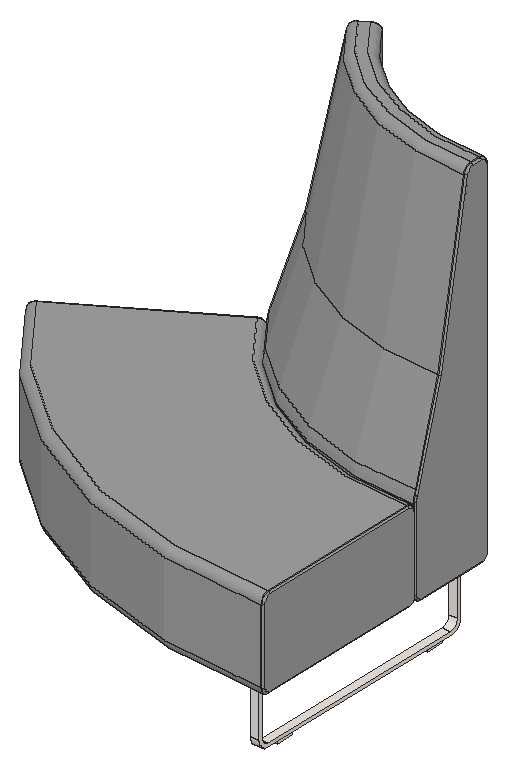
Revit family "Haworth_Riverbend_ConvexBench60", category Furniture, Revit 2018
Family settings
  OmniClass Number = 23.40.70.14.64.21
  OmniClass Title = Systems Furniture
  Work Plane-Based = No
  Always vertical = Yes
  Cut with Voids When Loaded = No
  Shared = No
  Room Calculation Point = No
Parameters (values of type "33d 58w 50h - High Back")
  Width Straight Edge = 33"  # constant formula
  Width = 56"  # constant formula
  Warranty = "http://www.haworth.com/resources/product-info/warranties"
  URL - Product = "http://www.haworth.com/products/seating/sofas/riverbend-pebble"
  Trim Finish [instance] = Haworth _ Paint _ Plaster
  Standard Widths = "58 in."  # constant formula
  Standard Heights = "31 in., 50 in."  # constant formula
  Standard Depths = "33 in."  # constant formula
  Seat Upholstery Finish [instance] = Haworth _ Fabric _ Tellure _ Steel 3A-39
  Min. Width = 28"  # constant formula
  Min. Depth = 33"  # constant formula
  Mid Back = not(High Back)  # no
  Max. Width = 67"  # constant formula
  Max. Depth = 33"  # constant formula
  Model = "SMVM"  # constant formula
  High Back = yes
  Description = "Haworth Riverbend Convex Bench 60 Degree"  # constant formula
  URL = "http://www.haworth.com"
  Size = "Verify Final Dim. w/ Haworth"  # constant formula
  Revision Number = "1"  # constant formula
  Manufacturer = "Haworth"  # constant formula
  Depth = 33"  # constant formula
  Custom Width = not(or(Width = 56"))  # no
  Custom Size = Custom Width  # no
  Back Upholstery Finish [instance] = Haworth _ Fabric _ Tellure _ Steel 3A-39
  Author = "Haworth (Bentzen)"  # constant formula
  Assembly Code = "E2020200"
  Actual Width = if(Width > Max. Width, Max. Width, if(Width < Min. Width, Min. Width, Width))  # 56"
  Actual Height = 18"  # constant formula
  Actual Depth = if(Depth > Max. Depth, Max. Depth, if(Depth < Min. Depth, Min. Depth, Depth))  # 33"
Types (2): name | Mid Back | High Back
  33d 58w 31h - Mid Back | yes | no
  33d 58w 50h - High Back | no | yes
Reference planes (in)
  plane 1 "Bottom": z = 0
  plane 2 "Top": z = 18
  plane 3 "Top - Bottom of Chamfer Edge": z = 17.75
  plane 4 "Frame Bottom": z = 7.25
  plane 5 "Bottom - Top of Chamfer Edge": z = 7.5
  plane 6 "Leg Bracket - Bottom": z = 7
  plane 7 "Leg Bottom - Top of Bottom": z = 0.625
  plane 8 "Foot - Top of Foot": z = 0.25
  plane 9: through (11.10066, 34.6537, 48) normal (-0.5, -0.866, 0)
  plane 10 "Right": x = 31.85066
  plane 11: through (8.64923, 57.3872, 48) normal (0.5, -0.866, 0)
  plane 12: through (2.10066, 19.06525, 48) normal (-0.5, -0.866, 0)
  plane 13: y = 11.16075
  plane 14: through (31.85855, 70.60743, 48) normal (0.7071, -0.7071, 0)
  plane 15: z = 17
  plane 16: y = 44.16075
  plane 17: y = 43.91075
  plane 18 "revolve_origin": x = 31.60066
  plane 19 "revolve_axis": y = 70.34954
  plane 20: through (8.9205, 57.25514, 48) normal (-0.866, -0.5, 0)
  plane 21: y = 57.25514
  plane 22: through (20.26058, 50.70794, 48) normal (0.866, -0.5, 0)
  plane 23: through (-19.65833, 40.75514, 48) normal (0.5, -0.866, 0)
  plane 24: through (18.50635, 47.66952, 48) normal (-0.5, -0.866, 0)
  plane 25: through (30.35743, 10.19619, 48) normal (0.866, -0.5, 0)
  plane 26: through (-19.87205, 39.19619, 48) normal (0.866, -0.5, 0)
  plane 27: through (68.51944, 22.28757, 48) normal (-0.5, -0.866, 0)
  plane 28: y = 22.08067
  plane 29: through (12.52751, 49.31267, 48) normal (0.5, 0.866, 0)
  plane 30: through (16.94474, 47.33973, 48) normal (0.866, -0.5, 0)
  plane 31 "revolve_origin_convex": x = 31.60066
  plane 32: through (-19.78333, 40.97165, 48) normal (-0.866, -0.5, 0)
Forms (in)
  Extrusion 1, solid, material "Haworth _ Paint _ Plaster" <- "Trim Finish"
    sketch origin (-6.86502, 50.2029, 0) x (0.866025, 0.5, 0) y (0, 0, 1)
      loop
        line (-14.39395, 7) -> (-14.39395, 1.5)
        arc (-14.39395, 1.5) -> (-14.02783, 0.61612) -> (-13.14395, 0.25) r 1.25
        line (-13.14395, 0.25) -> (14.07646, 0.25)
        arc (14.07646, 0.25) -> (14.96035, 0.61612) -> (15.32646, 1.5) r 1.25
        line (15.32646, 1.5) -> (15.32646, 7) -> (14.95122, 7) -> (14.95122, 1.625)
        arc (14.95122, 1.625) -> (14.65832, 0.91789) -> (13.95122, 0.625) r 1
        line (13.95122, 0.625) -> (-13.01895, 0.625)
        arc (-13.01895, 0.625) -> (-13.72605, 0.91789) -> (-14.01895, 1.625) r 1
        line (-14.01895, 1.625) -> (-14.01895, 7) -> (-14.39395, 7)
    from 3.44094 to 4.44094
  Extrusion 2, solid, material "Haworth _ Paint _ Plaster" <- "Trim Finish"
    sketch origin (-47.0644, 24.44059, 18) x (0.5, -0.866025, 0) y (0.866025, 0.5, 0)
      loop
        line (1.22982, 36.05384) -> (2.22982, 36.05384) -> (2.22982, 38.05384) -> (1.22982, 38.05384) -> (1.22982, 36.05384)
    from -18 to -17.75
  Extrusion 3, solid, material "Haworth _ Paint _ Plaster" <- "Trim Finish"
    sketch origin (-49.04289, 23.29831, 18) x (0.5, -0.866025, 0) y (0.866025, 0.5, 0)
      loop
        line (1.22982, 62.55267) -> (1.22982, 60.55267) -> (2.22982, 60.55267) -> (2.22982, 62.55267) -> (1.22982, 62.55267)
    from -18 to -17.75
  Extrusion 4, solid, material "Haworth _ Paint _ Plaster" <- "Trim Finish"
    sketch origin (-47.0644, 24.44059, 18) x (0.5, -0.866025, 0) y (0.866025, 0.5, 0)
      loop
        line (0.81633, 33.30089) -> (3.19133, 33.30089) -> (3.19133, 35.67589) -> (0.81633, 35.67589) -> (0.81633, 33.30089)
    from -11 to -10.75
  Extrusion 5, solid, material "Haworth _ Paint _ Plaster" <- "Trim Finish"
    sketch origin (-66.33101, 13.31701, 18) x (0.5, -0.866025, 0) y (0.866025, 0.5, 0)
      loop
        line (0.81633, 85.26847) -> (0.81633, 82.89323) -> (3.19133, 82.89323) -> (3.19133, 85.26847) -> (0.81633, 85.26847)
    from -11 to -10.75
  Extrusion 6, solid, material "Haworth _ Paint _ Plaster" <- "Trim Finish"
    sketch origin (33.5495, 26.86957, 0) x (0, 1, 0) y (0, 0, -1)
      loop
        line (-14.14229, -7) -> (-13.76729, -7) -> (-13.76729, -1.625)
        arc (-13.76729, -1.625) -> (-13.47439, -0.91789) -> (-12.76729, -0.625) r 1
        line (-12.76729, -0.625) -> (13.95122, -0.625)
        arc (13.95122, -0.625) -> (14.65832, -0.91789) -> (14.95122, -1.625) r 1
        line (14.95122, -1.625) -> (14.95122, -7) -> (15.32646, -7) -> (15.32646, -1.5)
        arc (15.32646, -1.5) -> (14.96035, -0.61612) -> (14.07646, -0.25) r 1.25
        line (14.07646, -0.25) -> (-12.89229, -0.25)
        arc (-12.89229, -0.25) -> (-13.77617, -0.61612) -> (-14.14229, -1.5) r 1.25
        line (-14.14229, -1.5) -> (-14.14229, -7)
    from 3.44094 to 4.44094
  Extrusion 7, solid, material "Haworth _ Paint _ Plaster" <- "Trim Finish"
    sketch origin (31.33838, -20.82527, 18) x (-1, 0, 0) y (0, -1, 0)
      loop
        line (1.22982, -36.30551) -> (1.22982, -38.30551) -> (2.22982, -38.30551) -> (2.22982, -36.30551) -> (1.22982, -36.30551)
    from -18 to -17.75
  Extrusion 8, solid, material "Haworth _ Paint _ Plaster" <- "Trim Finish"
    sketch origin (31.33838, -23.10984, 18) x (-1, 0, 0) y (0, -1, 0)
      loop
        line (1.22982, -62.55267) -> (2.22982, -62.55267) -> (2.22982, -60.55267) -> (1.22982, -60.55267) -> (1.22982, -62.55267)
    from -18 to -17.75
  Extrusion 9, solid, material "Haworth _ Paint _ Plaster" <- "Trim Finish"
    sketch origin (31.33838, -20.82527, 18) x (-1, 0, 0) y (0, -1, 0)
      loop
        line (1.22982, -33.55255) -> (1.22982, -35.92755) -> (3.60482, -35.92755) -> (3.60482, -33.55255) -> (1.22982, -33.55255)
    from -11 to -10.75
  Extrusion 10, solid, material "Haworth _ Paint _ Plaster" <- "Trim Finish"
    sketch origin (31.33838, -43.07244, 18) x (-1, 0, 0) y (0, -1, 0)
      loop
        line (1.22982, -85.26847) -> (3.60482, -85.26847) -> (3.60482, -82.89323) -> (1.22982, -82.89323) -> (1.22982, -85.26847)
    from -11 to -10.75
  Blend 11, solid, material "Haworth _ Fabric _ Tellure _ Steel 3A-39" <- "Seat Upholstery Finish"
    base sketch origin (31.85066, 58.72295, 0) x (0, 1, 0) y (0, 0, 1)
      loop
        arc (-46.56221, 17.75) -> (-47.09254, 17.53033) -> (-47.31221, 17) r 0.75
        line (-47.31221, 17) -> (-47.31221, 8.25)
        arc (-47.31221, 8.25) -> (-47.09254, 7.71967) -> (-46.56221, 7.5) r 0.75
        line (-46.56221, 7.5) -> (-26.23213, 7.5)
        arc (-26.23213, 7.5) -> (-25.7018, 7.71967) -> (-25.48213, 8.25) r 0.75
        line (-25.48213, 8.25) -> (-25.48213, 17)
        arc (-25.48213, 17) -> (-25.7018, 17.53033) -> (-26.23213, 17.75) r 0.75
        line (-26.23213, 17.75) -> (-46.56221, 17.75)
    top sketch origin (31.85066, 58.72295, 0) x (0, 1, 0) y (0, 0, 1)
      loop
        arc (-46.56221, 18) -> (-47.26931, 17.70711) -> (-47.56221, 17) r 1
        line (-47.56221, 17) -> (-47.56221, 8.25)
        arc (-47.56221, 8.25) -> (-47.26931, 7.54289) -> (-46.56221, 7.25) r 1
        line (-46.56221, 7.25) -> (-26.23213, 7.25)
        arc (-26.23213, 7.25) -> (-25.52502, 7.54289) -> (-25.23213, 8.25) r 1
        line (-25.23213, 8.25) -> (-25.23213, 17)
        arc (-25.23213, 17) -> (-25.52502, 17.70711) -> (-26.23213, 18) r 1
        line (-26.23213, 18) -> (-46.56221, 18)
    from 0 to -0.25
  Extrusion 12, solid, material "Haworth _ Paint _ Plaster" <- "Trim Finish"
    sketch origin (14.6279, 50.20874, 0) x (-0.5, -0.866025, 0) y (0, 0, -1)
      loop
        line (1.82622, -7) -> (2.20122, -7) -> (2.20122, -1.625)
        arc (2.20122, -1.625) -> (2.49411, -0.91789) -> (3.20122, -0.625) r 1
        line (3.20122, -0.625) -> (17.92863, -0.625)
        arc (17.92863, -0.625) -> (18.63574, -0.91789) -> (18.92863, -1.625) r 1
        line (18.92863, -1.625) -> (18.92863, -7) -> (19.30363, -7) -> (19.30363, -1.5)
        arc (19.30363, -1.5) -> (18.93752, -0.61612) -> (18.05363, -0.25) r 1.25
        line (18.05363, -0.25) -> (3.07622, -0.25)
        arc (3.07622, -0.25) -> (2.19233, -0.61612) -> (1.82622, -1.5) r 1.25
        line (1.82622, -1.5) -> (1.82622, -7)
    from 3.44094 to 4.44094
  Extrusion 13, solid, material "Haworth _ Paint _ Plaster" <- "Trim Finish"
    sketch origin (32.40596, 76.57899, 18) x (0.866025, -0.5, 0) y (0.5, 0.866025, 0)
      loop
        line (1.22982, -40.28292) -> (1.22982, -42.28292) -> (2.22982, -42.28292) -> (2.22982, -40.28292) -> (1.22982, -40.28292)
    from -18 to -17.75
  Extrusion 14, solid, material "Haworth _ Paint _ Plaster" <- "Trim Finish"
    sketch origin (41.53249, 92.38662, 18) x (0.866025, -0.5, 0) y (0.5, 0.866025, 0)
      loop
        line (1.22982, -66.53009) -> (2.22982, -66.53009) -> (2.22982, -64.53009) -> (1.22982, -64.53009) -> (1.22982, -66.53009)
    from -18 to -17.75
  Extrusion 15, solid, material "Haworth _ Paint _ Plaster" <- "Trim Finish"
    sketch origin (32.40596, 76.57899, 18) x (0.866025, -0.5, 0) y (0.5, 0.866025, 0)
      loop
        line (1.22982, -33.55255) -> (1.22982, -35.92755) -> (3.60482, -35.92755) -> (3.60482, -33.55255) -> (1.22982, -33.55255)
    from -11 to -10.75
  Extrusion 16, solid, material "Haworth _ Paint _ Plaster" <- "Trim Finish"
    sketch origin (51.51379, 109.67474, 18) x (0.866025, -0.5, 0) y (0.5, 0.866025, 0)
      loop
        line (1.22982, -89.24564) -> (3.60482, -89.24564) -> (3.60482, -86.87064) -> (1.22982, -86.87064) -> (1.22982, -89.24564)
    from -11 to -10.75
  Blend 17, solid, material "Haworth _ Fabric _ Tellure _ Steel 3A-39" <- "Back Upholstery Finish", visible <- "High Back"
    base sketch origin (72.38326, 31.15563, -6.66555) x (0, 1, 0) y (0, 0, 1)
      loop
        arc (13.00512, 55.62737) -> (12.70104, 56.36148) -> (11.96693, 56.66555) r 1.03818
        line (11.96693, 56.66555) -> (10.71818, 56.66555)
        arc (10.71818, 56.66555) -> (10.06436, 56.43074) -> (9.70934, 55.8336) r 1.02764
        line (9.70934, 55.8336) -> (5.94864, 36.4458) -> (2.60245, 25.76808)
        arc (2.60245, 25.76808) -> (2.42407, 25.04671) -> (2.33519, 24.30895) r 6.06812
        line (2.33519, 24.30895) -> (2.33519, 14.91555)
        arc (2.33519, 14.91555) -> (2.62809, 14.20845) -> (3.33519, 13.91555) r 1
        line (3.33519, 13.91555) -> (12.00512, 13.91555)
        arc (12.00512, 13.91555) -> (12.71222, 14.20845) -> (13.00512, 14.91555) r 1
        line (13.00512, 14.91555) -> (13.00512, 55.62737)
    top sketch origin (72.38326, 31.15563, -6.66555) x (0, 1, 0) y (0, 0, 1)
      loop
        line (11.96693, 56.41555) -> (10.71818, 56.41555)
        arc (10.71818, 56.41555) -> (10.22342, 56.23786) -> (9.95477, 55.78599) r 0.77764
        line (9.95477, 55.78599) -> (6.1914, 36.38443) -> (2.51349, 24.64821) -> (2.51349, 14.91555)
        arc (2.51349, 14.91555) -> (2.73316, 14.38522) -> (3.26349, 14.16555) r 0.75
        line (3.26349, 14.16555) -> (12.00512, 14.16555)
        arc (12.00512, 14.16555) -> (12.53545, 14.38522) -> (12.75512, 14.91555) r 0.75
        line (12.75512, 14.91555) -> (12.75512, 55.62737)
        arc (12.75512, 55.62737) -> (12.52426, 56.1847) -> (11.96693, 56.41555) r 0.78818
    from -40.7826 to -40.5326
  Blend 18, solid, material "Haworth _ Fabric _ Tellure _ Steel 3A-39" <- "Back Upholstery Finish", visible <- "Mid Back"
    base sketch origin (44.57775, 33.57602, -6.66555) x (0, -1, 0) y (0, 0, -1)
      loop
        line (-8.61622, -37.66555) -> (-5.35669, -37.66555)
        arc (-5.35669, -37.66555) -> (-4.19117, -37.28348) -> (-3.47803, -36.28554) r 1.96875
        line (-3.47803, -36.28554) -> (-0.18206, -25.76808)
        arc (-0.18206, -25.76808) -> (-0.00368, -25.04671) -> (0.08519, -24.30895) r 6.06812
        line (0.08519, -24.30895) -> (0.08519, -14.91555)
        arc (0.08519, -14.91555) -> (-0.2077, -14.20845) -> (-0.91481, -13.91555) r 1
        line (-0.91481, -13.91555) -> (-9.58473, -13.91555)
        arc (-9.58473, -13.91555) -> (-10.29183, -14.20845) -> (-10.58473, -14.91555) r 1
        line (-10.58473, -14.91555) -> (-10.58473, -35.69705)
        arc (-10.58473, -35.69705) -> (-10.00817, -37.08899) -> (-8.61622, -37.66555) r 1.9685
    top sketch origin (44.57775, 33.57602, -6.66555) x (0, -1, 0) y (0, 0, -1)
      loop
        arc (-5.35669, -37.41555) -> (-4.33917, -37.08199) -> (-3.71659, -36.21078) r 1.71875
        line (-3.71659, -36.21078) -> (-0.0931, -24.64821) -> (-0.0931, -14.91555)
        arc (-0.0931, -14.91555) -> (-0.31277, -14.38522) -> (-0.8431, -14.16555) r 0.75
        line (-0.8431, -14.16555) -> (-9.58473, -14.16555)
        arc (-9.58473, -14.16555) -> (-10.11506, -14.38522) -> (-10.33473, -14.91555) r 0.75
        line (-10.33473, -14.91555) -> (-10.33473, -35.69705)
        arc (-10.33473, -35.69705) -> (-9.83139, -36.91222) -> (-8.61622, -37.41555) r 1.7185
        line (-8.61622, -37.41555) -> (-5.35669, -37.41555)
    from -12.97708 to -12.72708
  Blend 19, solid, material "Haworth _ Fabric _ Tellure _ Steel 3A-39" <- "Seat Upholstery Finish"
    base sketch origin (21.40674, 64.75275, 0) x (0.866025, 0.5, 0) y (0, 0, -1)
      loop
        line (-46.56221, -17.75) -> (-26.23213, -17.75)
        arc (-26.23213, -17.75) -> (-25.7018, -17.53033) -> (-25.48213, -17) r 0.75
        line (-25.48213, -17) -> (-25.48213, -8.25)
        arc (-25.48213, -8.25) -> (-25.7018, -7.71967) -> (-26.23213, -7.5) r 0.75
        line (-26.23213, -7.5) -> (-46.56221, -7.5)
        arc (-46.56221, -7.5) -> (-47.09254, -7.71967) -> (-47.31221, -8.25) r 0.75
        line (-47.31221, -8.25) -> (-47.31221, -17)
        arc (-47.31221, -17) -> (-47.09254, -17.53033) -> (-46.56221, -17.75) r 0.75
    top sketch origin (21.40674, 64.75275, 0) x (0.866025, 0.5, 0) y (0, 0, -1)
      loop
        line (-46.56221, -18) -> (-26.23213, -18)
        arc (-26.23213, -18) -> (-25.52502, -17.70711) -> (-25.23213, -17) r 1
        line (-25.23213, -17) -> (-25.23213, -8.25)
        arc (-25.23213, -8.25) -> (-25.52502, -7.54289) -> (-26.23213, -7.25) r 1
        line (-26.23213, -7.25) -> (-46.56221, -7.25)
        arc (-46.56221, -7.25) -> (-47.26931, -7.54289) -> (-47.56221, -8.25) r 1
        line (-47.56221, -8.25) -> (-47.56221, -17)
        arc (-47.56221, -17) -> (-47.26931, -17.70711) -> (-46.56221, -18) r 1
    from 0 to -0.25
  Blend 20, solid, material "Haworth _ Fabric _ Tellure _ Steel 3A-39" <- "Back Upholstery Finish", visible <- "High Back"
    base sketch origin (-22.73356, 86.07135, -6.66555) x (0.866025, 0.5, 0) y (0, 0, -1)
      loop
        line (13.00512, -55.62737) -> (13.00512, -14.91555)
        arc (13.00512, -14.91555) -> (12.71222, -14.20845) -> (12.00512, -13.91555) r 1
        line (12.00512, -13.91555) -> (3.33519, -13.91555)
        arc (3.33519, -13.91555) -> (2.62809, -14.20845) -> (2.33519, -14.91555) r 1
        line (2.33519, -14.91555) -> (2.33519, -24.30895)
        arc (2.33519, -24.30895) -> (2.42407, -25.04671) -> (2.60245, -25.76808) r 6.06812
        line (2.60245, -25.76808) -> (5.94864, -36.4458) -> (9.70934, -55.8336)
        arc (9.70934, -55.8336) -> (10.06436, -56.43074) -> (10.71818, -56.66555) r 1.02764
        line (10.71818, -56.66555) -> (11.96693, -56.66555)
        arc (11.96693, -56.66555) -> (12.70104, -56.36148) -> (13.00512, -55.62737) r 1.03818
    top sketch origin (-22.73356, 86.07135, -6.66555) x (0.866025, 0.5, 0) y (0, 0, -1)
      loop
        arc (11.96693, -56.41555) -> (12.52426, -56.1847) -> (12.75512, -55.62737) r 0.78818
        line (12.75512, -55.62737) -> (12.75512, -14.91555)
        arc (12.75512, -14.91555) -> (12.53545, -14.38522) -> (12.00512, -14.16555) r 0.75
        line (12.00512, -14.16555) -> (3.26349, -14.16555)
        arc (3.26349, -14.16555) -> (2.73316, -14.38522) -> (2.51349, -14.91555) r 0.75
        line (2.51349, -14.91555) -> (2.51349, -24.64821) -> (6.1914, -36.38443) -> (9.95477, -55.78599)
        arc (9.95477, -55.78599) -> (10.22342, -56.23786) -> (10.71818, -56.41555) r 0.77764
        line (10.71818, -56.41555) -> (11.96693, -56.41555)
    from -40.7826 to -40.5326
  Revolve 21, solid, material "Haworth _ Fabric _ Tellure _ Steel 3A-39" <- "Back Upholstery Finish", visible <- "High Back"
    sketch origin (31.60066, 0, 0) x (0, -1, 0) y (0, 0, 1)
      loop
        line (-44.16075, 48.96182) -> (-44.16075, 8.25)
        arc (-44.16075, 8.25) -> (-43.86785, 7.54289) -> (-43.16075, 7.25) r 1
        line (-43.16075, 7.25) -> (-34.49083, 7.25)
        arc (-34.49083, 7.25) -> (-33.78372, 7.54289) -> (-33.49083, 8.25) r 1
        line (-33.49083, 8.25) -> (-33.49083, 17.64339)
        arc (-33.49083, 17.64339) -> (-33.5797, 18.38116) -> (-33.75808, 19.10253) r 6.06812
        line (-33.75808, 19.10253) -> (-37.10427, 29.78025) -> (-40.86497, 49.16804)
        arc (-40.86497, 49.16804) -> (-41.21999, 49.76518) -> (-41.87381, 50) r 1.02764
        line (-41.87381, 50) -> (-43.12256, 50)
        arc (-43.12256, 50) -> (-43.85667, 49.69592) -> (-44.16075, 48.96182) r 1.03818
      axis (-70.34954, 50) -> (-70.34954, 7.25)
    angle from 0 to -60
  Revolve 22, solid, material "Haworth _ Fabric _ Tellure _ Steel 3A-39" <- "Back Upholstery Finish", visible <- "Mid Back"
    sketch origin (31.60066, 0, 0) x (0, -1, 0) y (0, 0, 1)
      loop
        line (-38.93271, 31) -> (-42.19224, 31)
        arc (-42.19224, 31) -> (-43.58418, 30.42344) -> (-44.16075, 29.0315) r 1.9685
        line (-44.16075, 29.0315) -> (-44.16075, 8.25)
        arc (-44.16075, 8.25) -> (-43.86785, 7.54289) -> (-43.16075, 7.25) r 1
        line (-43.16075, 7.25) -> (-34.49083, 7.25)
        arc (-34.49083, 7.25) -> (-33.78372, 7.54289) -> (-33.49083, 8.25) r 1
        line (-33.49083, 8.25) -> (-33.49083, 17.64339)
        arc (-33.49083, 17.64339) -> (-33.5797, 18.38116) -> (-33.75808, 19.10253) r 6.06812
        line (-33.75808, 19.10253) -> (-37.05405, 29.61999)
        arc (-37.05405, 29.61999) -> (-37.76719, 30.61792) -> (-38.93271, 31) r 1.96875
      axis (-70.34954, 31) -> (-70.34954, 7.25)
    angle from 0 to -60
  Revolve 23, solid, material "Haworth _ Fabric _ Tellure _ Steel 3A-39" <- "Seat Upholstery Finish"
    sketch origin (31.60066, 0, 0) x (0, -1, 0) y (0, 0, 1)
      loop
        arc (-32.49083, 18) -> (-33.19793, 17.70711) -> (-33.49083, 17) r 1
        line (-33.49083, 17) -> (-33.49083, 8.25)
        arc (-33.49083, 8.25) -> (-33.19793, 7.54289) -> (-32.49083, 7.25) r 1
        line (-32.49083, 7.25) -> (-12.16075, 7.25)
        arc (-12.16075, 7.25) -> (-11.45364, 7.54289) -> (-11.16075, 8.25) r 1
        line (-11.16075, 8.25) -> (-11.16075, 17)
        arc (-11.16075, 17) -> (-11.45364, 17.70711) -> (-12.16075, 18) r 1
        line (-12.16075, 18) -> (-32.49083, 18)
      axis (-70.34954, 18) -> (-70.34954, 7.25)
    angle from 0 to -60
  Revolve 24, solid, material "Haworth _ Fabric _ Tellure _ Steel 3A-39" <- "Back Upholstery Finish", visible <- "Mid Back"
    sketch origin (-29.32382, 35.17477, 0) x (-0.866025, -0.5, 0) y (0, 0, -1)
      loop
        arc (-38.93271, -31) -> (-37.76719, -30.61792) -> (-37.05405, -29.61999) r 1.96875
        line (-37.05405, -29.61999) -> (-33.75808, -19.10253)
        arc (-33.75808, -19.10253) -> (-33.5797, -18.38116) -> (-33.49083, -17.64339) r 6.06812
        line (-33.49083, -17.64339) -> (-33.49083, -8.25)
        arc (-33.49083, -8.25) -> (-33.78372, -7.54289) -> (-34.49083, -7.25) r 1
        line (-34.49083, -7.25) -> (-43.16075, -7.25)
        arc (-43.16075, -7.25) -> (-43.86785, -7.54289) -> (-44.16075, -8.25) r 1
        line (-44.16075, -8.25) -> (-44.16075, -29.0315)
        arc (-44.16075, -29.0315) -> (-43.58418, -30.42344) -> (-42.19224, -31) r 1.9685
        line (-42.19224, -31) -> (-38.93271, -31)
      axis (-70.34954, -31) -> (-70.34954, -7.25)
    angle from 0 to -60
  Blend 25, solid, material "Haworth _ Fabric _ Tellure _ Steel 3A-39" <- "Back Upholstery Finish", visible <- "Mid Back"
    base sketch origin (-6.73468, 63.20126, -6.66555) x (-0.866025, -0.5, 0) y (0, 0, 1)
      loop
        arc (-8.61622, 37.66555) -> (-10.00817, 37.08899) -> (-10.58473, 35.69705) r 1.9685
        line (-10.58473, 35.69705) -> (-10.58473, 14.91555)
        arc (-10.58473, 14.91555) -> (-10.29183, 14.20845) -> (-9.58473, 13.91555) r 1
        line (-9.58473, 13.91555) -> (-0.91481, 13.91555)
        arc (-0.91481, 13.91555) -> (-0.2077, 14.20845) -> (0.08519, 14.91555) r 1
        line (0.08519, 14.91555) -> (0.08519, 24.30895)
        arc (0.08519, 24.30895) -> (-0.00368, 25.04671) -> (-0.18206, 25.76808) r 6.06812
        line (-0.18206, 25.76808) -> (-3.47803, 36.28554)
        arc (-3.47803, 36.28554) -> (-4.19117, 37.28348) -> (-5.35669, 37.66555) r 1.96875
        line (-5.35669, 37.66555) -> (-8.61622, 37.66555)
    top sketch origin (-6.73468, 63.20126, -6.66555) x (-0.866025, -0.5, 0) y (0, 0, 1)
      loop
        line (-5.35669, 37.41555) -> (-8.61622, 37.41555)
        arc (-8.61622, 37.41555) -> (-9.83139, 36.91222) -> (-10.33473, 35.69705) r 1.7185
        line (-10.33473, 35.69705) -> (-10.33473, 14.91555)
        arc (-10.33473, 14.91555) -> (-10.11506, 14.38522) -> (-9.58473, 14.16555) r 0.75
        line (-9.58473, 14.16555) -> (-0.8431, 14.16555)
        arc (-0.8431, 14.16555) -> (-0.31277, 14.38522) -> (-0.0931, 14.91555) r 0.75
        line (-0.0931, 14.91555) -> (-0.0931, 24.64821) -> (-3.71659, 36.21078)
        arc (-3.71659, 36.21078) -> (-4.33917, 37.08199) -> (-5.35669, 37.41555) r 1.71875
    from -12.97708 to -12.72708
Lines and regions (in)
  Masking region 1
    outline origin (0, 0, 18) x (1, 0, 0) y (0, 1, 0)
      loop
        line (31.85066, 11.16075) -> (31.85066, 44.16075)
        arc (31.85066, 44.16075) -> (18.50635, 47.66952) -> (8.7955, 57.47165) r 26.19837
        line (8.7955, 57.47165) -> (-19.78333, 40.97165)
        arc (-19.78333, 40.97165) -> (2.01891, 19.11245) -> (31.85066, 11.16075) r 59.35379
  symbolic lines, style "Haworth", detail levels medium+fine
    curve 1: arc (-0.31992, 51.92018, 18) -> (13.17131, 38.42896, 18) -> (31.60066, 33.49083, 18) r 36.85871
Dimensions and locks (in)
  locked: plane 2 "Top" to plane 3 "Top - Bottom of Chamfer Edge" at 0.25
  locked: plane 5 "Bottom - Top of Chamfer Edge" to plane 4 "Frame Bottom" at 0.25
  plane 2 "Top" to plane 4 "Frame Bottom" = 10 3/4"
  "Actual Height": plane 2 "Top" to plane 1 "Bottom"
  plane 2 "Top" to plane 1 "Bottom" = 18"
  Extrusion 1 sketch curve to Extrusion 1 sketch curve = 3/8"  (x2)
  Extrusion 1 sketch curve to Extrusion 1 sketch curve = 0.37525"
  Extrusion 6 sketch curve to Extrusion 6 sketch curve = 3/8"  (x2)
  Extrusion 6 sketch curve to Extrusion 6 sketch curve = 0.37525"
  plane 25 to plane 26 = 58"
  plane 12 to plane 27 = 36"
  Extrusion 12 sketch curve to Extrusion 12 sketch curve = 3/8"  (x3)
  equal spacing: plane 12, plane 9, plane 27
  "Depth": plane 16 to plane 13
  aligned and locked: Extrusion 3 to plane 1 "Bottom"
  aligned and locked: Extrusion 3 to plane 8 "Foot - Top of Foot"
  aligned and locked: Extrusion 2 to plane 8 "Foot - Top of Foot"
  aligned and locked: Extrusion 2 to plane 1 "Bottom"
  aligned and locked: plane 6 "Leg Bracket - Bottom" to Extrusion 1  (x2)
  aligned and locked: Extrusion 1 to plane 7 "Leg Bottom - Top of Bottom"
  aligned and locked: plane 8 "Foot - Top of Foot" to Extrusion 1
  aligned and locked: Extrusion 5 to plane 6 "Leg Bracket - Bottom"
  aligned and locked: plane 4 "Frame Bottom" to Extrusion 5
  aligned and locked: Extrusion 4 to plane 6 "Leg Bracket - Bottom"
  aligned and locked: plane 4 "Frame Bottom" to Extrusion 4
Automatic sketch dimensions
  Extrusion 1 sketch curve to plane 6 "Leg Bracket - Bottom" = 0"  (x2)
  plane 8 "Foot - Top of Foot" to Extrusion 1 sketch curve = 0"
  Extrusion 1 sketch curve to plane 7 "Leg Bottom - Top of Bottom" = 7/8"
  Extrusion 1 sketch curve to plane 32 = 1.40927"
  Extrusion 1 sketch curve to Extrusion 1 sketch curve = 1/8"
  Extrusion 1 sketch curve to plane 7 "Leg Bottom - Top of Bottom" = 1"
  plane 20 to Extrusion 1 sketch curve = 3.24556"
  Extrusion 1 sketch curve to Extrusion 1 sketch curve = 0.12525"
  Extrusion 2 sketch curve to plane 23 = 1.6556"
  Extrusion 2 sketch curve to Extrusion 2 sketch curve = 1"
  Extrusion 2 sketch curve to plane 32 = 4.16222"
  Extrusion 2 sketch curve to Extrusion 2 sketch curve = 2"
  Extrusion 3 sketch curve to plane 23 = 1.6556"
  Extrusion 3 sketch curve to Extrusion 3 sketch curve = 1"
  plane 20 to Extrusion 3 sketch curve = 6.62352"
  Extrusion 3 sketch curve to Extrusion 3 sketch curve = 2"
  Extrusion 4 sketch curve to plane 23 = 1.24211"
  Extrusion 4 sketch curve to Extrusion 4 sketch curve = 2 3/8"  (x2)
  Extrusion 4 sketch curve to plane 32 = 1.40927"
  Extrusion 5 sketch curve to plane 23 = 1.24211"
  Extrusion 5 sketch curve to Extrusion 5 sketch curve = 2 3/8"
  plane 20 to Extrusion 5 sketch curve = 4.24556"
  plane 20 to Extrusion 5 sketch curve = 1.87032"
  Extrusion 6 sketch curve to plane 6 "Leg Bracket - Bottom" = 0"  (x2)
  plane 8 "Foot - Top of Foot" to Extrusion 6 sketch curve = 0"
  Extrusion 6 sketch curve to plane 7 "Leg Bottom - Top of Bottom" = 7/8"
  plane 13 to Extrusion 6 sketch curve = 1.56654"
  Extrusion 6 sketch curve to Extrusion 6 sketch curve = 1/8"
  Extrusion 6 sketch curve to plane 7 "Leg Bottom - Top of Bottom" = 1"
  Extrusion 6 sketch curve to plane 17 = 3.08996"
  Extrusion 6 sketch curve to Extrusion 6 sketch curve = 0.12525"
  Extrusion 7 sketch curve to plane 18 "revolve_origin" = 1.49211"
  Extrusion 7 sketch curve to Extrusion 7 sketch curve = 1"
  Extrusion 7 sketch curve to plane 28 = 4.60043"
  Extrusion 7 sketch curve to Extrusion 7 sketch curve = 2"
  Extrusion 8 sketch curve to plane 18 "revolve_origin" = 1.49211"
  Extrusion 8 sketch curve to Extrusion 8 sketch curve = 1"
  Extrusion 8 sketch curve to plane 17 = 4.46791"
  Extrusion 8 sketch curve to Extrusion 8 sketch curve = 2"
  Extrusion 9 sketch curve to plane 18 "revolve_origin" = 1.49211"
  Extrusion 9 sketch curve to Extrusion 9 sketch curve = 2 3/8"
  plane 13 to Extrusion 9 sketch curve = 3.94154"
  plane 13 to Extrusion 9 sketch curve = 1.56654"
  Extrusion 10 sketch curve to plane 18 "revolve_origin" = 1.49211"
  Extrusion 10 sketch curve to Extrusion 10 sketch curve = 2 3/8"
  Extrusion 10 sketch curve to plane 17 = 1.71471"
  Extrusion 10 sketch curve to Extrusion 10 sketch curve = 2.37524"
  Blend 11 sketch curve to plane 15 = 0"  (x4)
  Blend 11 sketch curve to plane 3 "Top - Bottom of Chamfer Edge" = 0"
  Blend 11 sketch curve to plane 5 "Bottom - Top of Chamfer Edge" = 0"
  plane 13 to Blend 11 sketch curve = 1/4"
  plane 13 to Blend 11 sketch curve = 1"  (x2)
  plane 5 "Bottom - Top of Chamfer Edge" to Blend 11 sketch curve = 3/4"
  plane 28 to Blend 11 sketch curve = 10 105/256"  (x2)
  Blend 11 sketch curve to plane 13 = 0"
  Blend 11 sketch curve to plane 4 "Frame Bottom" = 0"
  Blend 11 sketch curve to plane 2 "Top" = 0"
  Blend 11 sketch curve to Blend 11 sketch curve = 1"
  plane 11 to Masking region 1 sketch curve = 0"  (x2)
  plane 32 to Masking region 1 sketch curve = 0"
  plane 20 to Masking region 1 sketch curve = 0"
  plane 22 to Masking region 1 sketch curve = 0"  (x2)
  Masking region 1 sketch curve to plane 10 "Right" = 0"
  plane 18 "revolve_origin" to Masking region 1 sketch curve = 0.00487"
  plane 18 "revolve_origin" to Masking region 1 sketch curve = 0.09515"
  Extrusion 12 sketch curve to plane 29 = 0"
  plane 8 "Foot - Top of Foot" to Extrusion 12 sketch curve = 0"
  Extrusion 12 sketch curve to plane 6 "Leg Bracket - Bottom" = 0"  (x2)
  Extrusion 12 sketch curve to plane 29 = 1 1/4"
  Extrusion 12 sketch curve to Extrusion 12 sketch curve = 1/8"  (x2)
  Extrusion 12 sketch curve to plane 7 "Leg Bottom - Top of Bottom" = 1"
  plane 9 to Extrusion 12 sketch curve = 2.69395"
  Extrusion 13 sketch curve to plane 30 = 0"
  Extrusion 13 sketch curve to plane 22 = 3/16"
  Extrusion 13 sketch curve to plane 9 = 4.67809"
  Extrusion 13 sketch curve to Extrusion 13 sketch curve = 2"
  Extrusion 14 sketch curve to plane 30 = 0"
  Extrusion 14 sketch curve to plane 22 = 3/16"
  plane 9 to Extrusion 14 sketch curve = 1.316"
  Extrusion 14 sketch curve to plane 9 = 0.684"
  Extrusion 15 sketch curve to plane 30 = 0"
  Extrusion 15 sketch curve to plane 29 = 0"
  plane 22 to Extrusion 15 sketch curve = 1 3/16"
  Extrusion 15 sketch curve to Extrusion 15 sketch curve = 2 3/8"
  Extrusion 16 sketch curve to plane 30 = 0"
  plane 22 to Extrusion 16 sketch curve = 1 3/16"
  plane 9 to Extrusion 16 sketch curve = 4.06895"
  plane 9 to Extrusion 16 sketch curve = 1.69396"
  Blend 17 sketch curve to plane 4 "Frame Bottom" = 0"
  Blend 17 sketch curve to plane 16 = 0"
  plane 5 "Bottom - Top of Chamfer Edge" to Blend 17 sketch curve = 3/4"  (x3)
  Blend 17 sketch curve to plane 17 = 0.78818"  (x2)
  Blend 17 sketch curve to Blend 17 sketch curve = 1.24875"  (x2)
  Blend 17 sketch curve to Blend 17 sketch curve = 1.00884"
  plane 15 to Blend 17 sketch curve = 0.28791"
  Blend 17 sketch curve to plane 17 = 4.36222"
  Blend 17 sketch curve to plane 17 = 6.80647"
  Blend 17 sketch curve to Blend 17 sketch curve = 8.66992"
  plane 2 "Top" to Blend 17 sketch curve = 1.10253"
  Blend 17 sketch curve to Blend 17 sketch curve = 0.26725"
  Blend 17 sketch curve to Blend 17 sketch curve = 10.67772"
  Blend 17 sketch curve to Blend 17 sketch curve = 19.18157"
  Blend 17 sketch curve to Blend 17 sketch curve = 1.02764"
  Blend 17 sketch curve to plane 5 "Bottom - Top of Chamfer Edge" = 0"
  Blend 17 sketch curve to plane 17 = 0"
  Blend 17 sketch curve to plane 17 = 3/4"
  Blend 17 sketch curve to Blend 17 sketch curve = 0.76341"
  Blend 17 sketch curve to plane 17 = 6.56372"
  Blend 17 sketch curve to Blend 17 sketch curve = 8.74163"
  Blend 17 sketch curve to plane 2 "Top" = 0.01735"
  plane 2 "Top" to Blend 17 sketch curve = 11.71887"
  Blend 17 sketch curve to Blend 17 sketch curve = 19.24294"
  Blend 17 sketch curve to Blend 17 sketch curve = 0.77764"
  Blend 18 sketch curve to plane 16 = 0"
  Blend 18 sketch curve to plane 4 "Frame Bottom" = 0"
  Blend 18 sketch curve to plane 17 = 3/4"  (x2)
  Blend 18 sketch curve to plane 17 = 1.7185"  (x2)
  plane 15 to Blend 18 sketch curve = 0.28791"
  Blend 18 sketch curve to plane 17 = 4.36222"
  Blend 18 sketch curve to Blend 18 sketch curve = 3.25953"  (x2)
  Blend 18 sketch curve to Blend 18 sketch curve = 1.87866"
  Blend 18 sketch curve to Blend 18 sketch curve = 8.66992"
  plane 2 "Top" to Blend 18 sketch curve = 1.10253"
  Blend 18 sketch curve to Blend 18 sketch curve = 5.79045"
  Blend 18 sketch curve to plane 3 "Top - Bottom of Chamfer Edge" = 0.10661"
  plane 2 "Top" to Blend 18 sketch curve = 11 1/32"  (x2)
  Blend 18 sketch curve to Blend 18 sketch curve = 0.00025"  (x2)
  Blend 18 sketch curve to plane 17 = 0"
  Blend 18 sketch curve to plane 5 "Bottom - Top of Chamfer Edge" = 0"
  Blend 18 sketch curve to Blend 18 sketch curve = 1.6401"
  plane 5 "Bottom - Top of Chamfer Edge" to Blend 18 sketch curve = 3/4"
  Blend 18 sketch curve to Blend 18 sketch curve = 8.74163"
  Blend 18 sketch curve to plane 2 "Top" = 0.01735"
  plane 15 to Blend 19 sketch curve = 0"  (x4)
  plane 3 "Top - Bottom of Chamfer Edge" to Blend 19 sketch curve = 0"
  plane 5 "Bottom - Top of Chamfer Edge" to Blend 19 sketch curve = 0"
  Blend 19 sketch curve to plane 32 = 1/4"
  Blend 19 sketch curve to plane 32 = 1"  (x2)
  plane 5 "Bottom - Top of Chamfer Edge" to Blend 19 sketch curve = 3/4"
  plane 20 to Blend 19 sketch curve = 11.66992"  (x2)
  Blend 19 sketch curve to plane 32 = 0"
  plane 4 "Frame Bottom" to Blend 19 sketch curve = 0"
  plane 2 "Top" to Blend 19 sketch curve = 0"
  Blend 19 sketch curve to Blend 19 sketch curve = 1"
  plane 4 "Frame Bottom" to Blend 20 sketch curve = 0"
  Blend 20 sketch curve to plane 20 = 0"
  plane 5 "Bottom - Top of Chamfer Edge" to Blend 20 sketch curve = 3/4"  (x2)
  plane 20 to Blend 20 sketch curve = 1.03818"  (x2)
  Blend 20 sketch curve to Blend 20 sketch curve = 1.24875"
  Blend 20 sketch curve to Blend 20 sketch curve = 1.00884"
  plane 15 to Blend 20 sketch curve = 0.28791"
  plane 20 to Blend 20 sketch curve = 4.61222"
  plane 20 to Blend 20 sketch curve = 7.05647"
  Blend 20 sketch curve to Blend 20 sketch curve = 8.66992"
  plane 2 "Top" to Blend 20 sketch curve = 1.10253"
  Blend 20 sketch curve to Blend 20 sketch curve = 0.26725"
  Blend 20 sketch curve to Blend 20 sketch curve = 10.67772"
  Blend 20 sketch curve to Blend 20 sketch curve = 19.18157"
  Blend 20 sketch curve to Blend 20 sketch curve = 1.02764"
  plane 5 "Bottom - Top of Chamfer Edge" to Blend 20 sketch curve = 0"
  Blend 20 sketch curve to plane 2 "Top" = 0.01735"
  plane 20 to Blend 20 sketch curve = 10.49163"
  Blend 20 sketch curve to Blend 20 sketch curve = 3/4"
  plane 20 to Blend 20 sketch curve = 6.81372"
  plane 20 to Blend 20 sketch curve = 3.05035"
  Blend 20 sketch curve to Blend 20 sketch curve = 0.76341"
  plane 20 to Blend 20 sketch curve = 1"
  plane 20 to Blend 20 sketch curve = 1/4"
  plane 2 "Top" to Blend 20 sketch curve = 11.71887"
  Blend 20 sketch curve to Blend 20 sketch curve = 19.24294"
  Blend 20 sketch curve to Blend 20 sketch curve = 0.77764"
  Revolve 21 sketch curve to plane 19 "revolve_axis" = 0"
  Revolve 21 sketch curve to plane 16 = 0"
  Revolve 21 sketch curve to plane 4 "Frame Bottom" = 0"
  plane 5 "Bottom - Top of Chamfer Edge" to Revolve 21 sketch curve = 3/4"  (x2)
  Revolve 21 sketch curve to plane 17 = 0.78818"
  Revolve 21 sketch curve to Revolve 21 sketch curve = 1.24875"
  Revolve 21 sketch curve to Revolve 21 sketch curve = 1.00884"
  plane 15 to Revolve 21 sketch curve = 0.28791"
  Revolve 21 sketch curve to plane 17 = 4.36222"
  Revolve 21 sketch curve to plane 17 = 6.80647"
  Revolve 21 sketch curve to Revolve 21 sketch curve = 8.66992"
  plane 2 "Top" to Revolve 21 sketch curve = 1.10253"
  Revolve 21 sketch curve to Revolve 21 sketch curve = 0.26725"
  Revolve 21 sketch curve to Revolve 21 sketch curve = 10.67772"
  Revolve 21 sketch curve to Revolve 21 sketch curve = 19.18157"
  Revolve 21 sketch curve to Revolve 21 sketch curve = 1.02764"
  plane 2 "Top" to Revolve 21 sketch curve = 9"
  Revolve 21 sketch curve to Revolve 21 sketch curve = 10.03818"
  Revolve 22 sketch curve to plane 19 "revolve_axis" = 0"
  Revolve 22 sketch curve to plane 16 = 0"
  Revolve 22 sketch curve to plane 4 "Frame Bottom" = 0"
  Revolve 22 sketch curve to plane 17 = 3/4"
  Revolve 22 sketch curve to plane 17 = 1.7185"
  plane 15 to Revolve 22 sketch curve = 0.28791"
  Revolve 22 sketch curve to plane 17 = 4.36222"
  Revolve 22 sketch curve to Revolve 22 sketch curve = 3.25953"
  Revolve 22 sketch curve to Revolve 22 sketch curve = 1.87866"
  plane 5 "Bottom - Top of Chamfer Edge" to Revolve 22 sketch curve = 3/4"
  Revolve 22 sketch curve to Revolve 22 sketch curve = 8.66992"
  plane 2 "Top" to Revolve 22 sketch curve = 1.10253"
  Revolve 22 sketch curve to Revolve 22 sketch curve = 0.26725"
  plane 2 "Top" to Revolve 22 sketch curve = 11 1/32"
  Revolve 22 sketch curve to Revolve 22 sketch curve = 0.00025"
  plane 2 "Top" to Revolve 22 sketch curve = 8"
  Revolve 22 sketch curve to Revolve 22 sketch curve = 12"
  Revolve 23 sketch curve to plane 19 "revolve_axis" = 0"
  plane 15 to Revolve 23 sketch curve = 0"  (x2)
  Revolve 23 sketch curve to plane 2 "Top" = 0"
  Revolve 23 sketch curve to plane 4 "Frame Bottom" = 0"
  Revolve 23 sketch curve to plane 13 = 0"
  plane 5 "Bottom - Top of Chamfer Edge" to Revolve 23 sketch curve = 3/4"
  Revolve 23 sketch curve to plane 17 = 10.41992"
  plane 13 to Revolve 23 sketch curve = 1"
  plane 2 "Top" to Revolve 23 sketch curve = 5"
  Revolve 23 sketch curve to Revolve 23 sketch curve = 18"
  Revolve 24 sketch curve to plane 20 = 0"
  Revolve 24 sketch curve to plane 4 "Frame Bottom" = 0"
  plane 20 to Revolve 24 sketch curve = 1"
  plane 20 to Revolve 24 sketch curve = 1.9685"
  plane 15 to Revolve 24 sketch curve = 0.28791"
  plane 20 to Revolve 24 sketch curve = 4.61222"
  Revolve 24 sketch curve to Revolve 24 sketch curve = 3.25953"
  Revolve 24 sketch curve to Revolve 24 sketch curve = 1.87866"
  plane 5 "Bottom - Top of Chamfer Edge" to Revolve 24 sketch curve = 3/4"
  Revolve 24 sketch curve to Revolve 24 sketch curve = 8.66992"
  plane 2 "Top" to Revolve 24 sketch curve = 1.10253"
  Revolve 24 sketch curve to Revolve 24 sketch curve = 0.26725"
  plane 2 "Top" to Revolve 24 sketch curve = 11 1/32"
  Revolve 24 sketch curve to Revolve 24 sketch curve = 0.00025"
  Revolve 24 sketch curve to plane 20 = 26.18879"
  plane 2 "Top" to Revolve 24 sketch curve = 8"
  Revolve 24 sketch curve to Revolve 24 sketch curve = 12"
  Blend 25 sketch curve to plane 20 = 0"
  plane 4 "Frame Bottom" to Blend 25 sketch curve = 0"
  plane 20 to Blend 25 sketch curve = 1"  (x2)
  Blend 25 sketch curve to Blend 25 sketch curve = 1.9685"
  plane 15 to Blend 25 sketch curve = 0.28791"
  plane 20 to Blend 25 sketch curve = 4.61222"
  Blend 25 sketch curve to Blend 25 sketch curve = 3.25953"  (x2)
  Blend 25 sketch curve to Blend 25 sketch curve = 1.87866"
  Blend 25 sketch curve to Blend 25 sketch curve = 8.66992"
  plane 2 "Top" to Blend 25 sketch curve = 1.10253"
  Blend 25 sketch curve to Blend 25 sketch curve = 5.79045"
  Blend 25 sketch curve to plane 3 "Top - Bottom of Chamfer Edge" = 0.10661"
  plane 2 "Top" to Blend 25 sketch curve = 11 1/32"  (x2)
  Blend 25 sketch curve to Blend 25 sketch curve = 0.00025"  (x2)
  plane 5 "Bottom - Top of Chamfer Edge" to Blend 25 sketch curve = 0"
  plane 20 to Blend 25 sketch curve = 1/4"
  plane 20 to Blend 25 sketch curve = 1.9685"
  Blend 25 sketch curve to Blend 25 sketch curve = 1.6401"
  plane 5 "Bottom - Top of Chamfer Edge" to Blend 25 sketch curve = 3/4"
  Blend 25 sketch curve to Blend 25 sketch curve = 8.74163"
  Blend 25 sketch curve to plane 2 "Top" = 0.01735"
  plane 23 to curve 1 = 0"
  curve 1 to plane 18 "revolve_origin" = 0"
  curve 1 to plane 14 = 0"
  plane 21 to curve 1 = 5.33496"
